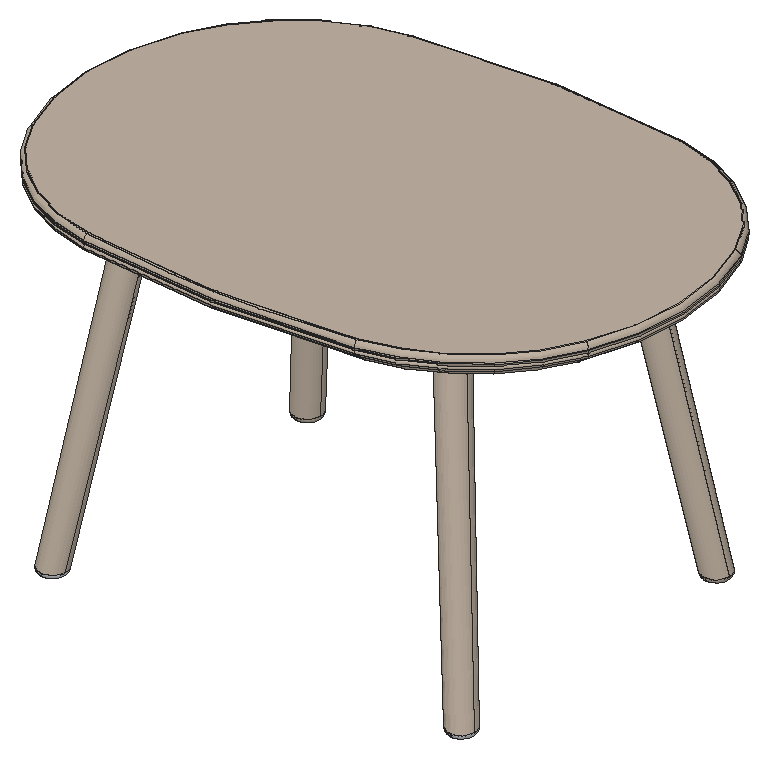
Revit family "LB-673", category Мебель, Revit 2017
Family settings
  Номер OmniClass = 23.40.20.00
  Заголовок OmniClass = General Furniture and Specialties
  На основе рабочей плоскости = Нет
  Всегда вертикально = Да
  При загрузке вырезать с полостями = Нет
  Общий = Нет
  Точка расчета площади = Нет
Parameters
  URL = "http://file-system.ru/catalog/zdaniya_i_sooruzheniya/interer/mebel/_curl_lb_673_skandiform_stol/"
  Комментарии к типоразмеру = "Created by Astacus AB"
  Table Top Material = Ash
  Группа модели = "LB-673"
  Изготовитель = "Skandiform AB"
  Legs Material = Ash
  Ключевая пометка = "XBE.1"
Reference planes
  plane 1 "Center (Front/Back)": y = 0
  plane 2: z = 0
  plane 3 "Center (Left/Right)": x = 0
  plane 4: through (0, 143.967, 330.344) normal (0, -0.9894, -0.145)
Forms (mm)
  Extrusion 1, solid, material "Ash" <- "Table Top Material"
    sketch origin (-100, -1524, 343.64) x (0, -1, 0) y (-1, 0, 0)
      loop
        arc (-1752.5, 50) -> (-1763.723, -100) -> (-1752.5, -250) r 1008.06
        arc (-1752.5, -250) -> (-1711.782, -345.994) -> (-1629.791, -410.417) r 209.244
        arc (-1629.791, -410.417) -> (-1524, -432.643) -> (-1418.209, -410.417) r 262.882
        arc (-1418.209, -410.417) -> (-1336.218, -345.994) -> (-1295.5, -250) r 209.244
        arc (-1295.5, -250) -> (-1284.277, -100) -> (-1295.5, 50) r 1008.06
        arc (-1295.5, 50) -> (-1336.218, 145.994) -> (-1418.209, 210.417) r 209.244
        arc (-1418.209, 210.417) -> (-1524, 232.643) -> (-1629.791, 210.417) r 262.882
        arc (-1629.791, 210.417) -> (-1711.782, 145.994) -> (-1752.5, 50) r 209.244
    from -40 to 0
  Blend 2, solid, material "Ash" <- "Legs Material"
    base sketch origin (0.2, -0.027, 0) x (1, 0, 0) y (0, 1, 0)
      loop
        circle (226.587, 176.397) r 15
    top sketch origin (0.2, -0.027, 0) x (1, 0, 0) y (0, 1, 0)
      loop
        circle (175.454, 125.64) r 16.63
    from 4.803 to 343.64
  Blend 3, solid, material "Ash" <- "Legs Material"
    base sketch origin (0.2, -0.027, 0) x (-1, 0, 0) y (0, -1, 0)
      loop
        circle (226.587, -176.397) r 15
    top sketch origin (0.2, -0.027, 0) x (-1, 0, 0) y (0, -1, 0)
      loop
        circle (175.454, -125.64) r 16.63
    from 4.803 to 343.64
  Blend 4, solid, material "Ash" <- "Legs Material"
    base sketch origin (0.2, -0.027, 0) x (1, 0, 0) y (0, 1, 0)
      loop
        circle (226.587, -176.397) r 15
    top sketch origin (0.2, -0.027, 0) x (1, 0, 0) y (0, 1, 0)
      loop
        circle (175.454, -125.64) r 16.63
    from 4.803 to 343.64
  Blend 5, solid, material "Ash" <- "Legs Material"
    base sketch origin (0.2, -0.027, 0) x (-1, 0, 0) y (0, -1, 0)
      loop
        circle (226.587, 176.397) r 15
    top sketch origin (0.2, -0.027, 0) x (-1, 0, 0) y (0, -1, 0)
      loop
        circle (175.454, 125.64) r 16.63
    from 4.803 to 343.64
  Revolve 6, solid, material "Ash" <- "Legs Material"
    sketch origin (226.756, 352.768, 3.353) x (0, -1, 0) y (0, 0, 1)
      loop
        line (176.397, 1.455) -> (176.397, -3.442) -> (186.626, -3.442)
        arc (186.626, -3.442) -> (190.056, -2.002) -> (191.429, 1.455) r 4.803
        line (191.429, 1.455) -> (176.397, 1.455)
      axis (176.397, 1.455) -> (176.397, -3.442)
    angle from 0 to 360
  Revolve 7, solid, material "Ash" <- "Legs Material"
    sketch origin (-226.355, 352.768, 3.353) x (0, -1, 0) y (0, 0, -1)
      loop
        line (176.397, -1.455) -> (191.429, -1.455)
        arc (191.429, -1.455) -> (190.056, 2.002) -> (186.626, 3.442) r 4.803
        line (186.626, 3.442) -> (176.397, 3.442) -> (176.397, -1.455)
      axis (176.397, -1.455) -> (176.397, 3.442)
    angle from 0 to 360
  Revolve 8, solid
    sketch origin (226.756, -352.822, 3.353) x (0, 1, 0) y (0, 0, -1)
      loop
        line (176.397, -1.455) -> (191.429, -1.455)
        arc (191.429, -1.455) -> (190.056, 2.002) -> (186.626, 3.442) r 4.803
        line (186.626, 3.442) -> (176.397, 3.442) -> (176.397, -1.455)
      axis (176.397, -1.455) -> (176.397, 3.442)
    angle from 0 to 360
  Revolve 9, solid
    sketch origin (-226.355, -352.822, 3.353) x (0, 1, 0) y (0, 0, 1)
      loop
        line (176.397, 1.455) -> (176.397, -3.442) -> (186.626, -3.442)
        arc (186.626, -3.442) -> (190.056, -2.002) -> (191.429, 1.455) r 4.803
        line (191.429, 1.455) -> (176.397, 1.455)
      axis (176.397, 1.455) -> (176.397, -3.442)
    angle from 0 to 360
  Sweep 10, void
    path in 3D
      loop
        arc (150, 228.5, 383.64) -> (245.994, 187.782, 383.64) -> (310.417, 105.791, 383.64) r 209.244
        arc (310.417, 105.791, 383.64) -> (332.643, 0, 383.64) -> (310.417, -105.791, 383.64) r 262.882
        arc (310.417, -105.791, 383.64) -> (245.994, -187.782, 383.64) -> (150, -228.5, 383.64) r 209.244
        arc (150, -228.5, 383.64) -> (0, -239.723, 383.64) -> (-150, -228.5, 383.64) r 1008.06
        arc (-150, -228.5, 383.64) -> (-245.994, -187.782, 383.64) -> (-310.417, -105.791, 383.64) r 209.244
        arc (-310.417, -105.791, 383.64) -> (-332.643, 0, 383.64) -> (-310.417, 105.791, 383.64) r 262.882
        arc (-310.417, 105.791, 383.64) -> (-245.994, 187.782, 383.64) -> (-150, 228.5, 383.64) r 209.244
        arc (-150, 228.5, 383.64) -> (0, 239.723, 383.64) -> (150, 228.5, 383.64) r 1008.06
    profile origin (0, 239.723, 383.64) x (0, 1, 0) y (0, 0, 1)
      loop
        line (-0.312, -6.128) -> (-0.312, -7.547)
        arc (-0.312, -7.547) -> (-0.871, -9.125) -> (-2.299, -10) r 2.508
        arc (-2.299, -10) -> (-0.76, -10.953) -> (-0.453, -12.737) r 2.206
        arc (-0.453, -12.737) -> (-1.132, -14.32) -> (-2.257, -15.625) r 5.646
        arc (-2.257, -15.625) -> (-28.003, -31.651) -> (-57.324, -39.397) r 101.987
        line (-57.324, -39.397) -> (-74.603, -41.289) -> (1.239, -41.289) -> (1.239, 0.305) -> (-6.286, 0.305) -> (-4.569, -0.257)
        arc (-4.569, -0.257) -> (-1.488, -2.503) -> (-0.312, -6.128) r 6.177
Cuts and joins
  Sweep 10 cuts Extrusion 1
Lines and regions (mm)
  Masking region 1
    outline origin (0, 0, 0) x (1, 0, 0) y (0, 1, 0)
      loop
        arc (-149.955, 228.204) -> (-245.812, 187.544) -> (-310.143, 105.671) r 208.945
        arc (-310.143, 105.671) -> (-332.344, 0) -> (-310.143, -105.671) r 262.583
        arc (-310.143, -105.671) -> (-245.812, -187.544) -> (-149.955, -228.204) r 208.945
        arc (-149.955, -228.204) -> (0, -239.423) -> (149.955, -228.204) r 1007.761
        arc (149.955, -228.204) -> (245.812, -187.544) -> (310.143, -105.671) r 208.945
        arc (310.143, -105.671) -> (332.344, 0) -> (310.143, 105.671) r 262.583
        arc (310.143, 105.671) -> (245.812, 187.544) -> (149.955, 228.204) r 208.945
        arc (149.955, 228.204) -> (0, 239.423) -> (-149.955, 228.204) r 1007.761
  sketch lines
    curve 1: arc (-150, 228.5, 383.64) -> (0, 239.723, 383.64) -> (150, 228.5, 383.64) r 1008.06
    curve 2: arc (-310.417, 105.791, 383.64) -> (-245.994, 187.782, 383.64) -> (-150, 228.5, 383.64) r 209.244
    curve 3: arc (-310.417, -105.791, 383.64) -> (-332.643, 0, 383.64) -> (-310.417, 105.791, 383.64) r 262.882
    curve 4: arc (-150, -228.5, 383.64) -> (-245.994, -187.782, 383.64) -> (-310.417, -105.791, 383.64) r 209.244
    curve 5: arc (150, -228.5, 383.64) -> (0, -239.723, 383.64) -> (-150, -228.5, 383.64) r 1008.06
    curve 6: arc (310.417, -105.791, 383.64) -> (245.994, -187.782, 383.64) -> (150, -228.5, 383.64) r 209.244
    curve 7: arc (310.417, 105.791, 383.64) -> (332.643, 0, 383.64) -> (310.417, -105.791, 383.64) r 262.882
    curve 8: arc (150, 228.5, 383.64) -> (245.994, 187.782, 383.64) -> (310.417, 105.791, 383.64) r 209.244
  symbolic lines, detail levels fine
    curve 9: arc (-149.203, 223.204, 0) -> (-242.74, 183.528, 0) -> (-305.515, 103.636, 0) r 203.889
    curve 10: arc (149.203, 223.204, 0) -> (0, 234.367, 0) -> (-149.203, 223.204, 0) r 1002.705
    curve 11: arc (305.515, 103.636, 0) -> (242.74, 183.528, 0) -> (149.203, 223.204, 0) r 203.889
    curve 12: arc (305.515, -103.636, 0) -> (327.288, 0, 0) -> (305.515, 103.636, 0) r 257.527
    curve 13: arc (149.203, -223.204, 0) -> (242.74, -183.528, 0) -> (305.515, -103.636, 0) r 203.889
    curve 14: arc (-149.203, -223.204, 0) -> (0, -234.367, 0) -> (149.203, -223.204, 0) r 1002.705
    curve 15: arc (-305.515, -103.636, 0) -> (-242.74, -183.528, 0) -> (-149.203, -223.204, 0) r 203.889
    curve 16: arc (-305.515, 103.636, 0) -> (-327.288, 0, 0) -> (-305.515, -103.636, 0) r 257.527
Dimensions and locks
  aligned and locked: level to plane 2
